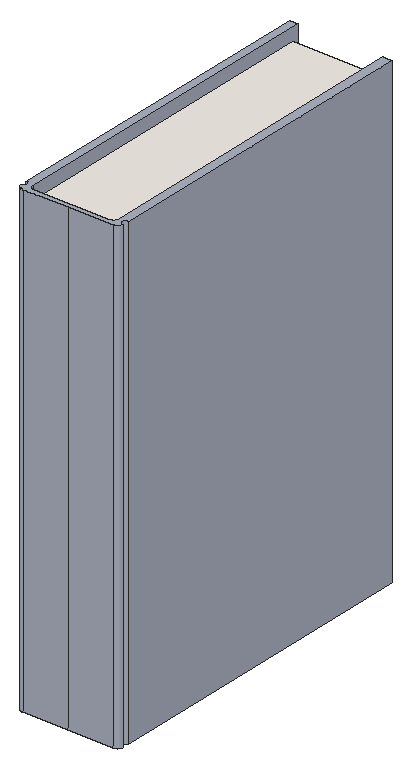
Revit family
Reference planes (in)
  plane 1 "Center (Front/Back)": y = 0
  plane 2: z = 0
  plane 3 "Center (Left/Right)": x = 0
  plane 4: z = 0.125
  plane 5: z = 10.875
  plane 6: z = 8.875
  plane 7: y = 1
  plane 8: y = 6
  plane 9: y = 5
  plane 10: z = 6.875
Forms (in)
  Extrusion 1, solid, material "Book Grey"
    sketch origin (0, 0, 0) x (1, 0, 0) y (0, 1, 0)
      loop
        line (-0.75, 5) -> (-0.75, 0.16705)
        arc (-0.75, 0.16705) -> (-0.70136, 0.11841) -> (-0.75, 0.06977) r 0.04864
        arc (-0.75, 0.06977) -> (-0.71934, 0.01698) -> (-0.66069, 0) r 0.082
        line (-0.66069, 0) -> (0, 0) -> (0.66069, 0)
        arc (0.66069, 0) -> (0.71934, 0.01698) -> (0.75, 0.06977) r 0.082
        arc (0.75, 0.06977) -> (0.70136, 0.11841) -> (0.75, 0.16705) r 0.04864
        line (0.75, 0.16705) -> (0.75, 5) -> (0.6254, 5) -> (0.6254, 0.12848)
        arc (0.6254, 0.12848) -> (0.6041, 0.08281) -> (0.55544, 0.06977) r 0.05961
        line (0.55544, 0.06977) -> (0, 0.06977) -> (-0.55544, 0.06977)
        arc (-0.55544, 0.06977) -> (-0.6041, 0.08281) -> (-0.6254, 0.12848) r 0.05961
        line (-0.6254, 0.12848) -> (-0.6254, 5) -> (-0.75, 5)
    from 0 to 6.875
  Extrusion 2, solid, material "ivory paper"
    sketch origin (-4.75, -180, 0.125) x (-1, 0, 0) y (0, -1, 0)
      loop
        line (-4.1246, -184.88306) -> (-4.1246, -180.13971) -> (-5.3754, -180.13971) -> (-5.3754, -184.88306) -> (-4.1246, -184.88306)
    from 0 to 6.57025
Lines and regions (in)
  model lines
    curve 1: line (-0.3754, 4.88306, 6.69525) -> (-0.3754, 0.13971, 6.69525)
    curve 2: line (-0.1254, 4.88306, 6.69525) -> (-0.1254, 0.13971, 6.69525)
    curve 3: line (0.1246, 4.88306, 6.69525) -> (0.1246, 0.13971, 6.69525)
    curve 4: line (0.3746, 4.88306, 6.69525) -> (0.3746, 0.13971, 6.69525)
